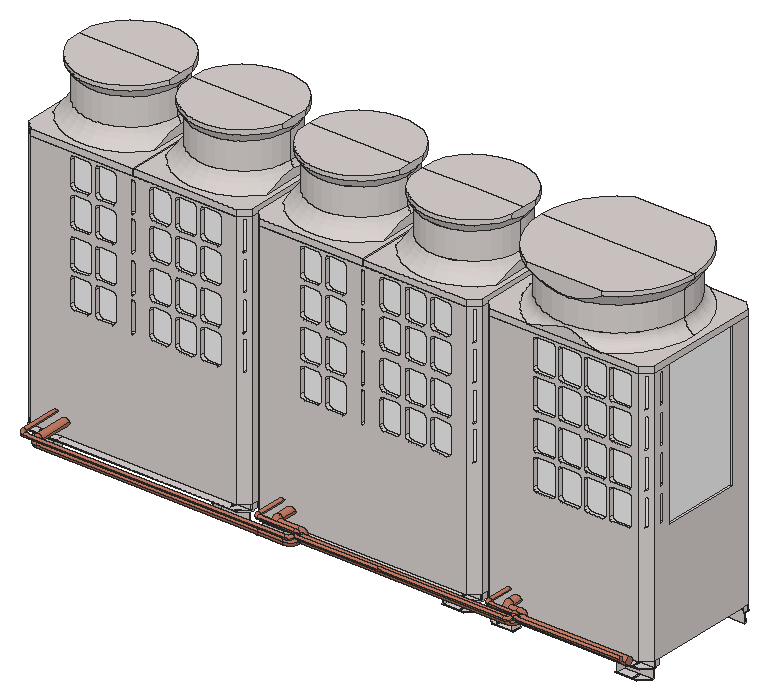
Revit family "PUHY-EP950YSNW-A", category Mechanical Equipment, Revit 2012 (continued)
Definition of nested family "PUHY-EP250YNW-A"
  Lines and regions (mm)
    model lines
      curve 72: arc (-222.5, -370, 374) -> (-229.571, -370, 371.071) -> (-232.5, -370, 364) r 10
      curve 73: arc (222.5, -370, 374) -> (229.571, -370, 371.071) -> (232.5, -370, 364) r 10
      curve 74: arc (232.5, -370, 364) -> (229.571, -370, 356.929) -> (222.5, -370, 354) r 10
      curve 75: arc (-222.5, -370, 354) -> (-229.571, -370, 356.929) -> (-232.5, -370, 364) r 10
      curve 76: line (460, -237.5, 1521) -> (460, -237.5, 95)
      curve 77: line (460, -237.5, 705) -> (460, 236.5, 705)
      curve 78: line (460, -237.5, 724.5) -> (460, 236.5, 724.5)
      curve 79: line (460, 236.5, 1521) -> (460, 236.5, 95)
      curve 80: line (327.5, 370, 1521) -> (327.5, 370, 95)
      curve 81: line (308, 370, 1521) -> (308, 370, 706)
      curve 82: line (327.5, 370, 706) -> (-382.5, 370, 706)
      curve 83: line (-382.5, 370, 1521) -> (-382.5, 370, 95)
      curve 84: line (-363, 370, 1521) -> (-363, 370, 706)
      curve 85: line (460, -140.491, 267.745) -> (460, 139.491, 267.745)
      curve 86: line (460, 139.491, 247.745) -> (460, -140.491, 247.745)
      curve 87: arc (460, -140.491, 247.745) -> (460, -150.491, 257.745) -> (460, -140.491, 267.745) r 10
      curve 88: arc (460, 139.491, 267.745) -> (460, 149.491, 257.745) -> (460, 139.491, 247.745) r 10
      curve 89: line (460, -140.491, 372.745) -> (460, 139.491, 372.745)
      curve 90: line (460, 139.491, 352.745) -> (460, -140.491, 352.745)
      curve 91: arc (460, -140.491, 352.745) -> (460, -150.491, 362.745) -> (460, -140.491, 372.745) r 10
      curve 92: arc (460, 139.491, 372.745) -> (460, 149.491, 362.745) -> (460, 139.491, 352.745) r 10
      curve 93: line (460, -140.491, 477.745) -> (460, 139.491, 477.745)
      curve 94: line (460, 139.491, 457.745) -> (460, -140.491, 457.745)
      curve 95: arc (460, -140.491, 457.745) -> (460, -150.491, 467.745) -> (460, -140.491, 477.745) r 10
      curve 96: arc (460, 139.491, 477.745) -> (460, 149.491, 467.745) -> (460, 139.491, 457.745) r 10
      curve 97: line (460, -140.491, 582.745) -> (460, 139.491, 582.745)
      curve 98: line (460, 139.491, 562.745) -> (460, -140.491, 562.745)
      curve 99: arc (460, -140.491, 562.745) -> (460, -150.491, 572.745) -> (460, -140.491, 582.745) r 10
      curve 100: arc (460, 139.491, 582.745) -> (460, 149.491, 572.745) -> (460, 139.491, 562.745) r 10
      curve 101: line (-222.5, 370, 584) -> (222.5, 370, 584)
      curve 102: line (222.5, 370, 564) -> (-222.5, 370, 564)
      curve 103: arc (-222.5, 370, 584) -> (-229.571, 370, 581.071) -> (-232.5, 370, 574) r 10
      curve 104: arc (222.5, 370, 584) -> (229.571, 370, 581.071) -> (232.5, 370, 574) r 10
      curve 105: arc (232.5, 370, 574) -> (229.571, 370, 566.929) -> (222.5, 370, 564) r 10
      curve 106: arc (-222.5, 370, 564) -> (-229.571, 370, 566.929) -> (-232.5, 370, 574) r 10
      curve 107: line (-222.5, 370, 479) -> (222.5, 370, 479)
      curve 108: line (222.5, 370, 459) -> (-222.5, 370, 459)
      curve 109: arc (-222.5, 370, 479) -> (-229.571, 370, 476.071) -> (-232.5, 370, 469) r 10
      curve 110: arc (222.5, 370, 479) -> (229.571, 370, 476.071) -> (232.5, 370, 469) r 10
      curve 111: arc (232.5, 370, 469) -> (229.571, 370, 461.929) -> (222.5, 370, 459) r 10
      curve 112: arc (-222.5, 370, 459) -> (-229.571, 370, 461.929) -> (-232.5, 370, 469) r 10
      curve 113: line (-222.5, 370, 374) -> (222.5, 370, 374)
      curve 114: line (222.5, 370, 354) -> (-222.5, 370, 354)
      curve 115: arc (-222.5, 370, 374) -> (-229.571, 370, 371.071) -> (-232.5, 370, 364) r 10
      curve 116: arc (222.5, 370, 374) -> (229.571, 370, 371.071) -> (232.5, 370, 364) r 10
      curve 117: arc (232.5, 370, 364) -> (229.571, 370, 356.929) -> (222.5, 370, 354) r 10
      curve 118: arc (-222.5, 370, 354) -> (-229.571, 370, 356.929) -> (-232.5, 370, 364) r 10
      curve 119: line (-222.5, 370, 269) -> (222.5, 370, 269)
      curve 120: line (222.5, 370, 249) -> (-222.5, 370, 249)
      curve 121: arc (-222.5, 370, 269) -> (-229.571, 370, 266.071) -> (-232.5, 370, 259) r 10
      curve 122: arc (222.5, 370, 269) -> (229.571, 370, 266.071) -> (232.5, 370, 259) r 10
      curve 123: arc (232.5, 370, 259) -> (229.571, 370, 251.929) -> (222.5, 370, 249) r 10
      curve 124: arc (-222.5, 370, 249) -> (-229.571, 370, 251.929) -> (-232.5, 370, 259) r 10
      curve 125: line (-325, -370, 131) -> (-197, -370, 131)
      curve 126: line (-335, -370, 205) -> (-335, -370, 141)
      curve 127: line (-197, -370, 215) -> (-325, -370, 215)
      curve 128: line (-187, -370, 141) -> (-187, -370, 205)
      curve 129: arc (-335, -370, 205) -> (-332.071, -370, 212.071) -> (-325, -370, 215) r 10
      curve 130: arc (-197, -370, 215) -> (-189.929, -370, 212.071) -> (-187, -370, 205) r 10
      curve 131: arc (-335, -370, 141) -> (-332.071, -370, 133.929) -> (-325, -370, 131) r 10
      curve 132: arc (-197, -370, 131) -> (-189.929, -370, 133.929) -> (-187, -370, 141) r 10
      curve 133: circle (328, -370, 170) r 20 normal (0, -1, 0)
      curve 134: circle (328, -370, 170) r 32.5 normal (0, -1, 0)
      curve 135: circle (253, -370, 185) r 13.5 normal (0, -1, 0)
      curve 136: circle (253, -370, 185) r 26 normal (0, -1, 0)
      curve 137: circle (204, -370, 150) r 17 normal (0, -1, 0)
    model lines, not visible
      curve 17: line (487.5, -370, 703) -> (492.5, -370, 703)
      curve 18: line (477.5, -370, 363) -> (477.5, -370, 693)
      curve 19: line (492.5, -370, 353) -> (487.5, -370, 353)
      curve 20: line (502.5, -370, 693) -> (502.5, -370, 363)
      curve 21: arc (487.5, -370, 703) -> (480.429, -370, 700.071) -> (477.5, -370, 693) r 10
      curve 22: arc (492.5, -370, 703) -> (499.571, -370, 700.071) -> (502.5, -370, 693) r 10
      curve 23: arc (502.5, -370, 363) -> (499.571, -370, 355.929) -> (492.5, -370, 353) r 10
      curve 24: arc (477.5, -370, 363) -> (480.429, -370, 355.929) -> (487.5, -370, 353) r 10
    reference lines
      curve 31: line (-410, 370, 0) -> (-460, 320, 0)
  Dimensions and locks
    nested 1 to level = 1858 mm
    nested 1 to nested 1 = 303 mm
    nested 5 to nested 5 = 60 mm
    nested 1 to nested 2 = 1495 mm
    Extrusion 1 to Extrusion 1 = 920 mm
    Extrusion 2 sketch curve to Extrusion 2 sketch curve = 174.824 mm
    Extrusion 3 sketch curve to Extrusion 3 sketch curve = 174.824 mm
    equal spacing: group 5, group 4, group 3, group 2
    equal spacing: group 2, group 3, group 4, group 5  (x2)
    Extrusion 4 sketch curve to Extrusion 4 sketch curve = 174.824 mm
    Extrusion 5 sketch curve to Extrusion 5 sketch curve = 174.824 mm
    Extrusion 6 sketch curve to Extrusion 6 sketch curve = 174.824 mm
    Extrusion 7 sketch curve to Extrusion 7 sketch curve = 174.824 mm
    Extrusion 8 sketch curve to Extrusion 8 sketch curve = 174.824 mm
    Extrusion 9 sketch curve to Extrusion 9 sketch curve = 174.824 mm
    Extrusion 10 sketch curve to Extrusion 10 sketch curve = 174.824 mm
    Extrusion 11 sketch curve to Extrusion 11 sketch curve = 174.824 mm
    Extrusion 12 sketch curve to Extrusion 12 sketch curve = 174.824 mm
    Extrusion 13 sketch curve to Extrusion 13 sketch curve = 174.824 mm
    Extrusion 14 sketch curve to Extrusion 14 sketch curve = 174.824 mm
    Extrusion 15 sketch curve to Extrusion 15 sketch curve = 174.824 mm
    Extrusion 16 sketch curve to Extrusion 16 sketch curve = 174.824 mm
    Extrusion 17 sketch curve to Extrusion 17 sketch curve = 174.824 mm
    cut or joined group 1 (Extrusion 1, Extrusion 2, Extrusion 3, Extrusion 4, Extrusion 5, Extrusion 6, Extrusion 7, Extrusion 8, Extrusion 9, Extrusion 10, Extrusion 11, Extrusion 12, Extrusion 13, Extrusion 14, Extrusion 15, Extrusion 16, Extrusion 17, Extrusion 20, Extrusion 21, Extrusion 22, Extrusion 23, Extrusion 24, Extrusion 25, Extrusion 26, Extrusion 27, Extrusion 28, Extrusion 29, Extrusion 30, Extrusion 31, Extrusion 32) to cut or joined group 1 = 820 mm
    cut or joined group 1 to cut or joined group 1 = 920 mm
    cut or joined group 1 to cut or joined group 1 = 740 mm
    nested 5 to cut or joined group 1 = 80 mm
    cut or joined group 1 to nested 4 to nested 5 = 80 mm, 760 mm
    cut or joined group 1 to nested 2 = 29.5 mm
    cut or joined group 1 to nested 3 to nested 2 = 29.5 mm, 681 mm
    cut or joined group 1 to cut or joined group 1 = 35 mm
    plane 6 "44" to cut or joined group 1 = 3.536 mm
    Extrusion 25 sketch curve to Extrusion 25 sketch curve = 20 mm
    cut or joined group 1 to cut or joined group 1 = 50 mm
    locked: Extrusion 19 to nested 2 at 116
    curve 137 to nested 2 = 90 mm
    curve 135 to nested 2 = 125 mm
    curve 133 to nested 2 = 110 mm
    cut or joined group 1 to curve 133 = 132 mm
    cut or joined group 1 to curve 135 = 207 mm
    cut or joined group 1 to curve 137 = 256 mm
    cut or joined group 1 to curve 126 to curve 128 = 125 mm, 148 mm
    curve 127 to curve 125 to nested 2 = 84 mm, 71 mm
    cut or joined group 1 to Extrusion 19 = 198 mm
    cut or joined group 1 to Extrusion 18 = 181 mm
    cut or joined group 1 to curve 29 = 166 mm
    cut or joined group 1 to curve 27 = 185 mm
    cut or joined group 1 to curve 28 = 110 mm
    curve 27 to cut or joined group 1 = 152 mm
    curve 28 to cut or joined group 1 = 172 mm
    curve 29 to cut or joined group 1 = 216 mm
    cut or joined group 1 to curve 9 to curve 11 = 79 mm, 94 mm
    cut or joined group 1 to curve 12 to curve 10 = 128 mm, 150 mm
    cut or joined group 1 to plane 10 = 160 mm
    cut or joined group 1 to plane 11 = 243 mm
    nested 4 to nested 4 = 60 mm
    cut or joined group 1 to nested 2 = 32 mm
    nested 4 to nested 4 = 56 mm
    nested 2 to nested 2 to nested 2 = 20 mm, 54 mm
    nested 3 to nested 2 = 592 mm
    nested 3 to nested 3 = 20 mm
    aligned and locked: level to plane 2
    aligned and locked: nested 2 to nested 4
    aligned and locked: nested 2 to nested 5
  Nested families
    nested 1: "FAN GUARD" at (0, 0, 861), type "FAN GUARD"
      with WIDTH 920 mm
    nested 2: "BASE LEG" at (0, -352, 60), type "BASE LEG"
      with Width 920 mm
    nested 3: "BASE LEG" at (0, 352, 60), type "BASE LEG"
      with Width 920 mm
    nested 4: "ATTACHMENT LEG" at (-374, -349, 0), type "ATTACHMENT LEG"
    nested 5: "ATTACHMENT LEG" at (374, -349, 0) x (-1, 0, 0) z (0, 0, 1), type "ATTACHMENT LEG"
    nested 6: "ATTACHMENT LEG" at (-374, 349, 0), type "ATTACHMENT LEG"
    nested 7: "ATTACHMENT LEG" at (374, 349, 0) x (-1, 0, 0) z (0, 0, 1), type "ATTACHMENT LEG"
  Connectors
    piping at (-217, -189, 176), driven by "Gas pipe_radius"
      settings: on Extrusion 18, index 3, connector radius 11.1 mm, flow factor 0, pipe flow 0.0 L/s, pressure drop 0.0 Pa, fitting loss kfactor 0, connector angle 0.00°, fixture units 0, engagement length 0 mm, flow configuration 0, flow direction 0, fitting loss method 0, system type 22, joint type 0, gender type 0, connector reference index -1, connector utility 0, adjustable connector no, is connector primary yes, fitting loss table "", connector description "Refrigerant service valve (gas)"
    piping at (-300, -172, 176), driven by "Liquid pipe_radius"
      settings: on Extrusion 19, index 4, connector radius 4.76 mm, flow factor 0, pipe flow 0.0 L/s, pressure drop 0.0 Pa, fitting loss kfactor 0, connector angle 0.00°, fixture units 0, engagement length 0 mm, flow configuration 0, flow direction 0, fitting loss method 0, system type 22, joint type 0, gender type 0, connector reference index -1, connector utility 0, adjustable connector no, is connector primary no, fitting loss table "", connector description "Refrigerant service valve (Liquid)"
    electrical at (0, -370, 808)
      settings: on cut or joined group 1, index 5, voltage 415 V, apparent load 0 VA, apparent load phase1 0 VA, apparent load phase2 0 VA, apparent load phase3 0 VA, power factor 1, load classification "HVAC", number of poles 3, system type 30, power factor state 1, is connector primary yes, connector utility no, sub classification motor no, connector description ""
  Definition of nested family "FAN GUARD"
    Parameters (values of type "FAN GUARD")
      WIDTH [instance] = 920 mm
    Reference planes
      plane 1 "中心(正面/背面)": y = 0
      plane 2: z = 0
      plane 3 "中心(左/右)": x = 0
      plane 4 "ファンガード基準面": z = 660
      plane 5: y = 370
      plane 6: y = -370
      plane 7: x = 460
      plane 8: x = -460
      plane 9 "ファンガード基準上面": z = 694
      plane 10 "ファンガード上面": z = 997
    Forms (mm)
      Extrusion 1, solid, material "Paint_5Y 8/1"
        sketch origin (0, 0, 660) x (-1, 0, 0) y (0, -1, 0)
          loop
            line (410, -370) -> (460, -320) -> (460, 320) -> (410, 370) -> (-410, 370) -> (-460, 320) -> (-460, -320) -> (-410, -370) -> (410, -370)
        from 0 to 34
      Revolve 2, solid, material "Paint_5Y 8/1"
        sketch origin (0, 0, 0) x (1, 0, 0) y (0, 0, 1)
          loop
            line (0, 694) -> (0, 997) -> (-423, 997) -> (-423, 973) -> (-368.829, 903.664) -> (-368.829, 764.141)
            arc (-368.829, 764.141) -> (-384.109, 719.678) -> (-423.494, 694) r 72.332
            line (-423.494, 694) -> (0, 694)
          axis (0, 997) -> (0, 694)
        angle from 0 to 360
      Extrusion 3, void
        sketch origin (0, 0, 694) x (-1, 0, 0) y (0, -1, 0)
          loop
            line (345, -370) -> (-345, -370) -> (-345, -545) -> (345, -545) -> (345, -370)
          loop
            line (345, 370) -> (345, 539.592) -> (-345, 539.592) -> (-345, 370) -> (345, 370)
        from 0 to 400
    Cuts and joins
      Extrusion 3 cuts Revolve 2
    Lines and regions (mm)
      model lines
        curve 1: line (-423, 0, 997) -> (-80, 0, 997)
        curve 2: line (80, 0, 997) -> (423, 0, 997)
        curve 3: circle (0, 0, 997) r 80 normal (0, 0, 1)
        curve 4: line (-415.366, -80, 997) -> (415.366, -80, 997)
        curve 5: line (-391.572, -160, 997) -> (391.572, -160, 997)
        curve 6: line (-348.323, -240, 997) -> (348.323, -240, 997)
        curve 7: line (-276.639, -320, 997) -> (276.639, -320, 997)
        curve 8: line (-415.366, 80, 997) -> (415.366, 80, 997)
        curve 9: line (-391.572, 160, 997) -> (391.572, 160, 997)
        curve 10: line (-348.323, 240, 997) -> (348.323, 240, 997)
        curve 11: line (-276.639, 320, 997) -> (276.639, 320, 997)
        curve 12: line (0, 370, 997) -> (0, -370, 997)
        curve 13: line (-20, 370, 997) -> (-20, -370, 997)
        curve 14: line (-40, 370, 997) -> (-40, -370, 997)
        curve 15: line (-60, 370, 997) -> (-60, -370, 997)
        curve 16: line (-80, 370, 997) -> (-80, -370, 997)
        curve 17: line (20, 370, 997) -> (20, -370, 997)
        curve 18: line (40, 370, 997) -> (40, -370, 997)
        curve 19: line (60, 370, 997) -> (60, -370, 997)
        curve 20: line (80, 370, 997) -> (80, -370, 997)
        curve 21: line (100, 370, 997) -> (100, -370, 997)
        curve 22: line (120, 370, 997) -> (120, -370, 997)
        curve 23: line (140, 370, 997) -> (140, -370, 997)
        curve 24: line (160, 370, 997) -> (160, -370, 997)
        curve 25: line (180, 370, 997) -> (180, -370, 997)
        curve 26: line (200, 370, 997) -> (200, -370, 997)
        curve 27: line (220, 361.288, 997) -> (220, -361.288, 997)
        curve 28: line (240, 348.323, 997) -> (240, -348.323, 997)
        curve 29: line (260, 333.66, 997) -> (260, -333.66, 997)
        curve 30: line (280, 317.063, 997) -> (280, -317.063, 997)
        curve 31: line (300, 298.21, 997) -> (300, -298.21, 997)
        curve 32: line (320, 276.639, 997) -> (320, -276.639, 997)
        curve 33: line (340, 251.653, 997) -> (340, -251.653, 997)
        curve 34: line (360, 222.101, 997) -> (360, -222.101, 997)
        curve 35: line (380, 185.82, 997) -> (380, -185.82, 997)
        curve 36: line (400, 137.583, 997) -> (400, -137.583, 997)
        curve 37: line (420, 50.289, 997) -> (420, -50.289, 997)
        curve 38: line (-100, 370, 997) -> (-100, -370, 997)
        curve 39: line (-120, 370, 997) -> (-120, -370, 997)
        curve 40: line (-140, 370, 997) -> (-140, -370, 997)
        curve 41: line (-160, 370, 997) -> (-160, -370, 997)
        curve 42: line (-180, 370, 997) -> (-180, -370, 997)
        curve 43: line (-200, 370, 997) -> (-200, -370, 997)
        curve 44: line (-220, 361.288, 997) -> (-220, -361.288, 997)
        curve 45: line (-240, 348.323, 997) -> (-240, -348.323, 997)
        curve 46: line (-260, 333.66, 997) -> (-260, -333.66, 997)
        curve 47: line (-280, 317.063, 997) -> (-280, -317.063, 997)
        curve 48: line (-300, 298.21, 997) -> (-300, -298.21, 997)
        curve 49: line (-320, 276.639, 997) -> (-320, -276.639, 997)
        curve 50: line (-340, 251.653, 997) -> (-340, -251.653, 997)
        curve 51: line (-360, 222.101, 997) -> (-360, -222.101, 997)
        curve 52: line (-380, 185.82, 997) -> (-380, -185.82, 997)
        curve 53: line (-400, 137.583, 997) -> (-400, -137.583, 997)
        curve 54: line (-420, 50.289, 997) -> (-420, -50.289, 997)
        curve 55: line (10, 79.373, 997) -> (10, -79.373, 997)
        curve 56: line (-10, 79.373, 997) -> (-10, -79.373, 997)
        curve 57: line (30, 74.162, 997) -> (30, -74.162, 997)
        curve 58: line (50, 62.45, 997) -> (50, -62.45, 997)
        curve 59: line (70, 38.73, 997) -> (70, -38.73, 997)
        curve 60: line (-30, 74.162, 997) -> (-30, -74.162, 997)
        curve 61: line (-50, 62.45, 997) -> (-50, -62.45, 997)
        curve 62: line (-70, 38.73, 997) -> (-70, -38.73, 997)
    Dimensions and locks
      "WIDTH": plane 8 to plane 7
      locked: plane 6 to plane 5 at 740
      equal spacing: plane 8, plane 3 "中心(左/右)", plane 7
      equal spacing: plane 6, plane 1 "中心(正面/背面)", plane 5
      plane 3 "中心(左/右)" to Revolve 2 sketch curve = 423 mm
      locked: plane 10 "ファンガード上面" to plane 9 "ファンガード基準上面" at 303
      aligned and locked: level to plane 2
      aligned and locked: plane 5 to Extrusion 1 sketch curve
      aligned and locked: Extrusion 1 sketch curve to plane 6
      aligned and locked: plane 8 to Extrusion 1 sketch curve
      aligned and locked: plane 7 to Extrusion 1 sketch curve
      aligned and locked: plane 9 "ファンガード基準上面" to Extrusion 1
      aligned and locked: plane 4 "ファンガード基準面" to Extrusion 1
      aligned and locked: plane 9 "ファンガード基準上面" to Revolve 2 sketch curve
      aligned and locked: Revolve 2 sketch curve to plane 3 "中心(左/右)"
      aligned and locked: Extrusion 1 to Extrusion 3 sketch curve
      aligned and locked: Extrusion 3 sketch curve to Extrusion 1
      aligned and locked: cut or joined group of Revolve 2, Extrusion 3 to plane 10 "ファンガード上面"
    Automatic sketch dimensions
      Extrusion 1 sketch curve to plane 7 = 50 mm  (x2)
      plane 8 to Extrusion 1 sketch curve = 50 mm  (x2)
      plane 5 to Extrusion 1 sketch curve = 50 mm  (x2)
      Extrusion 1 sketch curve to plane 6 = 50 mm  (x2)
      plane 3 "中心(左/右)" to Extrusion 3 sketch curve = 345 mm  (x2)
      Extrusion 3 sketch curve to plane 3 "中心(左/右)" = 345 mm  (x2)
      Extrusion 3 sketch curve to Extrusion 3 sketch curve = 175 mm
      Extrusion 3 sketch curve to Extrusion 3 sketch curve = 169.592 mm
      plane 1 "中心(正面/背面)" to curve 2 = 0 mm
      plane 1 "中心(正面/背面)" to curve 3 = 0 mm
      curve 3 to plane 3 "中心(左/右)" = 0 mm
      curve 12 to plane 3 "中心(左/右)" = 0 mm
      plane 1 "中心(正面/背面)" to curve 1 = 0 mm
      plane 3 "中心(左/右)" to curve 55 = 10 mm
      curve 17 to curve 12 = 20 mm
      curve 57 to curve 55 = 20 mm
      curve 18 to curve 17 = 20 mm
      curve 58 to curve 57 = 20 mm
      curve 19 to curve 18 = 20 mm
      curve 59 to curve 58 = 20 mm
      curve 20 to curve 19 = 20 mm
      curve 2 to curve 59 = 10 mm
      curve 21 to curve 20 = 20 mm
      curve 22 to curve 21 = 20 mm
      curve 23 to curve 22 = 20 mm
      curve 24 to curve 23 = 20 mm
      curve 25 to curve 24 = 20 mm
      curve 26 to curve 25 = 20 mm
      curve 27 to curve 26 = 20 mm
      curve 28 to curve 27 = 20 mm
      curve 29 to curve 28 = 20 mm
      curve 11 to curve 29 = 16.639 mm
      curve 7 to curve 29 = 16.639 mm
      curve 30 to curve 7 = 3.361 mm
      curve 31 to curve 30 = 20 mm
      curve 32 to curve 31 = 20 mm
      curve 33 to curve 32 = 20 mm
      curve 6 to curve 33 = 8.323 mm
      curve 10 to curve 33 = 8.323 mm
      curve 34 to curve 10 = 11.677 mm
      curve 35 to curve 34 = 20 mm
      curve 9 to curve 35 = 11.572 mm
      curve 5 to curve 35 = 11.572 mm
      curve 36 to curve 9 = 8.428 mm
      curve 8 to curve 36 = 15.366 mm
      curve 4 to curve 36 = 15.366 mm
      curve 37 to curve 8 = 4.634 mm
      curve 2 to curve 37 = 3 mm
      curve 56 to plane 3 "中心(左/右)" = 10 mm
      curve 13 to plane 3 "中心(左/右)" = 20 mm
      curve 56 to curve 60 = 20 mm
      curve 13 to curve 14 = 20 mm
      curve 60 to curve 61 = 20 mm
      curve 14 to curve 15 = 20 mm
      curve 61 to curve 62 = 20 mm
      curve 15 to curve 16 = 20 mm
      curve 16 to curve 38 = 20 mm
      curve 38 to curve 39 = 20 mm
      curve 39 to curve 40 = 20 mm
      curve 40 to curve 41 = 20 mm
      curve 41 to curve 42 = 20 mm
      curve 42 to curve 43 = 20 mm
      curve 43 to curve 44 = 20 mm
      curve 44 to curve 45 = 20 mm
      curve 45 to curve 46 = 20 mm
      curve 46 to curve 7 = 16.639 mm
      curve 46 to curve 11 = 16.639 mm
      curve 7 to curve 47 = 3.361 mm
      curve 47 to curve 48 = 20 mm
      curve 48 to curve 49 = 20 mm
      curve 49 to curve 50 = 20 mm
      curve 50 to curve 6 = 8.323 mm
      curve 50 to curve 10 = 8.323 mm
      curve 10 to curve 51 = 11.677 mm
      curve 51 to curve 52 = 20 mm
      curve 52 to curve 9 = 11.572 mm
      curve 52 to curve 5 = 11.572 mm
      curve 5 to curve 53 = 8.428 mm
      curve 53 to curve 4 = 15.366 mm
      curve 53 to curve 8 = 15.366 mm
      curve 4 to curve 54 = 4.634 mm
      curve 54 to curve 1 = 3 mm
      curve 8 to plane 1 "中心(正面/背面)" = 80 mm
      curve 36 to curve 8 = 57.583 mm
      curve 53 to curve 8 = 57.583 mm
      curve 9 to curve 36 = 22.417 mm
      curve 52 to curve 9 = 25.82 mm
      curve 35 to curve 9 = 25.82 mm
      curve 51 to curve 52 = 36.282 mm
      curve 34 to curve 35 = 36.282 mm
      curve 10 to curve 51 = 17.899 mm
      curve 33 to curve 10 = 11.653 mm
      curve 50 to curve 10 = 11.653 mm
      curve 49 to curve 50 = 24.986 mm
      curve 32 to curve 33 = 24.986 mm
      curve 48 to curve 49 = 21.571 mm
      curve 31 to curve 32 = 21.571 mm
      curve 47 to curve 48 = 18.853 mm
      curve 30 to curve 31 = 18.853 mm
      curve 11 to curve 30 = 2.937 mm
      curve 29 to curve 11 = 13.66 mm
      curve 46 to curve 11 = 13.66 mm
      curve 28 to curve 29 = 14.663 mm
      curve 45 to curve 46 = 14.663 mm
      curve 44 to curve 45 = 12.965 mm
      curve 27 to curve 28 = 12.965 mm
      curve 12 to curve 27 = 8.712 mm
      curve 12 to curve 21 = 0 mm
      curve 13 to curve 12 = 0 mm
      curve 14 to curve 13 = 0 mm  (x2)
      curve 12 to curve 18 = 0 mm
      curve 21 to curve 23 = 0 mm
      curve 43 to curve 44 = 8.712 mm
      curve 23 to curve 24 = 0 mm  (x2)
      curve 43 to curve 42 = 0 mm  (x2)
      curve 24 to curve 25 = 0 mm  (x2)
      curve 42 to curve 41 = 0 mm  (x2)
      curve 25 to curve 26 = 0 mm  (x2)
      curve 41 to curve 40 = 0 mm  (x2)
      curve 20 to curve 21 = 0 mm  (x2)
      curve 40 to curve 39 = 0 mm  (x2)
      curve 15 to curve 14 = 0 mm
      curve 39 to curve 38 = 0 mm
      curve 38 to curve 16 = 0 mm  (x2)
      curve 18 to curve 19 = 0 mm  (x2)
      curve 12 to curve 17 = 0 mm  (x2)
      curve 21 to curve 22 = 0 mm  (x2)
      curve 8 to curve 37 = 29.711 mm
      curve 8 to curve 54 = 29.711 mm
      plane 1 "中心(正面/背面)" to curve 37 = 50.289 mm
      plane 1 "中心(正面/背面)" to curve 54 = 50.289 mm
      curve 37 to curve 4 = 29.711 mm
      curve 4 to curve 36 = 57.583 mm
      curve 4 to curve 53 = 57.583 mm
      curve 36 to curve 5 = 22.417 mm
      curve 5 to curve 52 = 25.82 mm
      curve 5 to curve 35 = 25.82 mm
      curve 35 to curve 34 = 36.282 mm
      curve 52 to curve 51 = 36.282 mm
      curve 51 to curve 6 = 17.899 mm
      curve 6 to curve 50 = 11.653 mm
      curve 6 to curve 33 = 11.653 mm
      curve 50 to curve 49 = 24.986 mm
      curve 33 to curve 32 = 24.986 mm
      curve 49 to curve 48 = 21.571 mm
      curve 32 to curve 31 = 21.571 mm
      curve 48 to curve 47 = 18.853 mm
      curve 31 to curve 30 = 18.853 mm
      curve 30 to curve 7 = 2.937 mm
      curve 7 to curve 46 = 13.66 mm
      curve 7 to curve 29 = 13.66 mm
      curve 29 to curve 28 = 14.663 mm
      curve 46 to curve 45 = 14.663 mm
      curve 45 to curve 44 = 12.965 mm
      curve 28 to curve 27 = 12.965 mm
      curve 44 to curve 13 = 8.712 mm
      curve 27 to curve 23 = 8.712 mm
      curve 15 to curve 13 = 0 mm
      curve 44 to curve 42 = 8.712 mm
      curve 16 to curve 15 = 0 mm
      curve 22 to curve 23 = 0 mm
      curve 13 to curve 17 = 0 mm
      curve 17 to curve 19 = 0 mm
      Revolve 2 sketch curve to plane 3 "中心(左/右)" = 0 mm
      Revolve 2 sketch curve to plane 10 "ファンガード上面" = 0 mm
      plane 9 "ファンガード基準上面" to Revolve 2 sketch curve = 70.141 mm
      Revolve 2 sketch curve to Revolve 2 sketch curve = 18.161 mm
      Revolve 2 sketch curve to level = 1700.815 mm
      Revolve 2 sketch curve to plane 10 "ファンガード上面" = 93.336 mm
      Revolve 2 sketch curve to plane 10 "ファンガード上面" = 24 mm
      Revolve 2 sketch curve to Revolve 2 sketch curve = 790.769 mm
      Revolve 2 sketch curve to Revolve 2 sketch curve = 17.668 mm
  Definition of nested family "BASE LEG"
    Parameters (values of type "BASE LEG")
      Width [instance] = 920 mm
    Reference planes
      plane 1 "中心(正面/背面)": y = 0
      plane 2: z = 0
      plane 3 "中心(左/右)": x = 0
      plane 4: x = 460
      plane 5: x = -460
      plane 6: x = -380
      plane 7: x = 380
      plane 8: y = -18
      plane 9: y = 39
      plane 10: z = 53
      plane 11: y = 42
      plane 12: y = 27
      plane 13: x = 415
      plane 14: x = -415
      plane 15: z = 8
      plane 16: y = 11.5
      plane 17: z = 35
    Forms (mm)
      Extrusion 1, solid, material "Paint_5Y 8/1"
        sketch origin (0, 0, 0) x (0, 1, 0) y (0, 0, 1)
          loop
            line (-18, 0) -> (36, 0) -> (36, 32) -> (56, 32) -> (56, 35) -> (33, 35) -> (33, 3) -> (-18, 3) -> (-18, 0)
        from -460 to 460
      Extrusion 2, void
        sketch origin (0, 0, 0) x (1, 0, 0) y (0, 1, 0)
          loop
            line (415, -18) -> (460, -18) -> (460, 27) -> (415, -18)
          loop
            line (-415, -18) -> (-460, 27) -> (-460, -18) -> (-415, -18)
        from 0 to 250
      Extrusion 3, void
        sketch origin (0, 12.023, 0) x (1, 0, 0) y (0, 1, 0)
          loop
            arc (373, -2.971) -> (380, -9.971) -> (387, -2.971) r 7
            line (387, -2.971) -> (387, 3.023)
            arc (387, 3.023) -> (380, 10.023) -> (373, 3.023) r 7
            line (373, 3.023) -> (373, -2.971)
          loop
            line (-373, -2.971) -> (-373, 3.023)
            arc (-373, 3.023) -> (-380, 10.023) -> (-387, 3.023) r 7
            line (-387, 3.023) -> (-387, -2.971)
            arc (-387, -2.971) -> (-380, -9.971) -> (-373, -2.971) r 7
        from 0 to 250
      Extrusion 4, solid, material "Paint_5Y 8/1"
        sketch origin (0, 0, -3) x (1, 0, 0) y (0, 0, 1)
          loop
            line (457, 8) -> (460, 8) -> (460, 35) -> (457, 35) -> (457, 8)
          loop
            line (-457, 8) -> (-457, 35) -> (-460, 35) -> (-460, 8) -> (-457, 8)
        from -36 to -56
      Extrusion 5, solid, material "Paint_5Y 8/1"
        sketch origin (150, 352, 0) x (1, 0, 0) y (0, 1, 0)
          loop
            line (310, -319) -> (305, -319) -> (305, -320) -> (255, -370) -> (260, -370) -> (310, -320) -> (310, -319)
        from 3 to 35
      Extrusion 6, void
        sketch origin (410, -18, 0) x (0.707107, 0.707107, 0) y (0, 0, 1)
          loop
            line (70.711, 3) -> (-6.741, 39.767) -> (-6.741, 3) -> (70.711, 3)
        from -190.256 to 23.776
      Extrusion 7, solid, material "Paint_5Y 8/1"
        sketch origin (-150, 352, 0) x (-1, 0, 0) y (0, -1, 0)
          loop
            line (310, 319) -> (310, 320) -> (260, 370) -> (255, 370) -> (305, 320) -> (305, 319) -> (310, 319)
        from 3 to 35
      Extrusion 8, void
        sketch origin (-410, -18, 0) x (0.707107, -0.707107, 0) y (0, 0, -1)
          loop
            line (-70.711, -3) -> (0, -35) -> (6.741, -35) -> (6.741, -3) -> (-70.711, -3)
        from -190.256 to 23.776
    Cuts and joins
      Extrusion 2, Extrusion 3 cuts Extrusion 1
      joined: Extrusion 1, Extrusion 4
      Extrusion 8 cuts Extrusion 7
      Extrusion 6 cuts Extrusion 5
    Dimensions and locks
      "Width": plane 5 to plane 4
      equal spacing: plane 5, plane 3 "中心(左/右)", plane 4
      locked: plane 5 to plane 6 at 80
      locked: plane 7 to plane 4 at 80
      locked: plane 8 to plane 9 at 57
      locked: plane 10 to level at 53
      locked: plane 9 to plane 11 at 3
      plane 8 to plane 12 = 45 mm
      locked: plane 13 to plane 4 at 45
      locked: plane 5 to plane 14 at 45
      equal spacing: Extrusion 3 sketch curve, plane 7, Extrusion 3 sketch curve
      equal spacing: Extrusion 3 sketch curve, plane 6, Extrusion 3 sketch curve
      locked: plane 10 to plane 15 at 45
      locked: cut or joined group of Extrusion 1, Extrusion 2, Extrusion 3, Extrusion 4 to Extrusion 4 sketch curve at 3  (x2)
      locked: plane 8 to plane 16 at 29.5
      plane 8 to plane 11 = 60 mm
      cut or joined group of Extrusion 1, Extrusion 2, Extrusion 3, Extrusion 4 to cut or joined group of Extrusion 1, Extrusion 2, Extrusion 3, Extrusion 4 = 35 mm
      aligned and locked: level to plane 2
      aligned and locked: plane 8 to Extrusion 1 sketch curve
      aligned and locked: plane 4 to Extrusion 1
      aligned and locked: Extrusion 1 to plane 5
      aligned and locked: Extrusion 2 sketch curve to plane 4
      aligned and locked: Extrusion 2 sketch curve to plane 8
      aligned and locked: plane 12 to Extrusion 2 sketch curve
      aligned and locked: plane 13 to Extrusion 2 sketch curve
      aligned and locked: plane 4 to Extrusion 4 sketch curve
      aligned and locked: plane 5 to Extrusion 4 sketch curve
      aligned and locked: cut or joined group of Extrusion 7, Extrusion 8 to cut or joined group of Extrusion 1, Extrusion 2, Extrusion 3, Extrusion 4
    Automatic sketch dimensions
      Extrusion 3 sketch curve to plane 1 "中心(正面/背面)" = 9.052 mm  (x2)
      Extrusion 3 sketch curve to plane 7 = 7 mm
      Extrusion 3 sketch curve to plane 1 "中心(正面/背面)" = 15.046 mm  (x2)
      Extrusion 3 sketch curve to plane 6 = 7 mm
      Extrusion 2 sketch curve to plane 5 = 0 mm
      plane 8 to Extrusion 2 sketch curve = 0 mm
      Extrusion 2 sketch curve to plane 14 = 0 mm
      plane 12 to Extrusion 2 sketch curve = 0 mm
      Extrusion 4 sketch curve to plane 10 = 21 mm
      plane 7 to Extrusion 5 sketch curve = 25 mm
      Extrusion 5 sketch curve to Extrusion 5 sketch curve = 5 mm  (x2)
      plane 7 to Extrusion 5 sketch curve = 75 mm
      plane 8 to Extrusion 5 sketch curve = 0 mm
      Extrusion 5 sketch curve to Extrusion 5 sketch curve = 50 mm
      Extrusion 5 sketch curve to Extrusion 5 sketch curve = 0 mm
      Extrusion 5 sketch curve to Extrusion 5 sketch curve = 1 mm
      Extrusion 6 sketch curve to Extrusion 5 = 0 mm  (x2)
      Extrusion 6 sketch curve to Extrusion 5 = 6.741 mm
      Extrusion 6 sketch curve to Extrusion 5 = 4.767 mm
      plane 6 to Extrusion 7 sketch curve = 25 mm
      Extrusion 7 sketch curve to Extrusion 7 sketch curve = 5 mm  (x2)
      Extrusion 7 sketch curve to Extrusion 7 sketch curve = 45 mm
      Extrusion 7 sketch curve to plane 8 = 0 mm
      Extrusion 7 sketch curve to Extrusion 7 sketch curve = 50 mm
      Extrusion 7 sketch curve to Extrusion 7 sketch curve = 0 mm
      Extrusion 7 sketch curve to Extrusion 7 sketch curve = 1 mm
      Extrusion 8 sketch curve to Extrusion 7 = 0 mm  (x2)
      Extrusion 7 to Extrusion 8 sketch curve = 0 mm  (x2)
      Extrusion 7 to Extrusion 8 sketch curve = 6.741 mm
      Extrusion 4 sketch curve to plane 17 = 3 mm
      Extrusion 4 sketch curve to plane 15 = 3 mm  (x2)
      Extrusion 1 sketch curve to plane 17 = 0 mm
      Extrusion 1 sketch curve to level = 0 mm
      level to Extrusion 1 sketch curve = 3 mm
      plane 9 to Extrusion 1 sketch curve = 6 mm
      plane 9 to Extrusion 1 sketch curve = 3 mm
      Extrusion 1 sketch curve to plane 17 = 3 mm
      Extrusion 1 sketch curve to plane 11 = 14 mm
  Definition of nested family "ATTACHMENT LEG"
    Parameters (values of type "ATTACHMENT LEG")
      Width = 145 mm
    Reference planes
      plane 1: z = 0
      plane 2 "中心(左/右)": x = -6
      plane 3: x = -52
      plane 4: x = 85
      plane 5: x = 93
      plane 6: y = -21
      plane 7: y = 27
      plane 8: x = -30
      plane 9: y = 39
      plane 10: z = 60
      plane 11: z = 57
      plane 12: z = 3
      plane 13: x = 82
      plane 14: y = 36
      plane 15: x = -75
      plane 16: y = 31
      plane 17 "幅": x = 93
      plane 18: y = 2.5
      plane 19: y = 21
      plane 20: y = -10
    Forms (mm)
      Extrusion 1, solid, material "Paint_5Y 8/1"
        sketch origin (0, -1, 0) x (1, 0, 0) y (0, 1, 0)
          loop
            line (-75, 36) -> (-75, 27) -> (-28, -20) -> (93, -20) -> (93, 32) -> (85, 32) -> (85, 36) -> (-75, 36)
        from 0 to 60
      Extrusion 2, void
        sketch origin (0, -3, 0) x (1, 0, 0) y (0, 0, 1)
          loop
            line (-75, 57) -> (-75, 3) -> (82, 3) -> (82, 57) -> (-75, 57)
          loop
            line (93, 57) -> (85, 57) -> (85, 3) -> (93, 3) -> (93, 57)
        from -35 to 18
      Extrusion 3, void
        sketch origin (-6, 5.5, 0) x (1, 0, 0) y (0, 1, 0)
          loop
            arc (-7, -8.5) -> (0, -15.5) -> (7, -8.5) r 7
            line (7, -8.5) -> (7, 8.5)
            arc (7, 8.5) -> (0, 15.5) -> (-7, 8.5) r 7
            line (-7, 8.5) -> (-7, -8.5)
        from 0 to 60
    Cuts and joins
      Extrusion 2, Extrusion 3 cuts Extrusion 1
    Dimensions and locks
      locked: plane 3 to plane 4 at 137
      locked: plane 3 to plane 5 at 145
      plane 6 to plane 7 = 48 mm
      locked: plane 10 to level at 60
      Extrusion 3 sketch curve to plane 2 "中心(左/右)" = 7 mm
      locked: plane 15 to plane 2 "中心(左/右)" at 69
      locked: plane 15 to plane 8 at 45
      locked: plane 6 to plane 18 at 23.5
      cut or joined group of Extrusion 1, Extrusion 2, Extrusion 3 to cut or joined group of Extrusion 1, Extrusion 2, Extrusion 3 = 168 mm
      cut or joined group of Extrusion 1, Extrusion 2, Extrusion 3 to cut or joined group of Extrusion 1, Extrusion 2, Extrusion 3 = 56 mm  (x2)
      plane 14 to plane 6 = 57 mm
      aligned and locked: level to plane 1
      aligned and locked: Extrusion 1 sketch curve to plane 4
      aligned and locked: Extrusion 1 sketch curve to plane 5
      aligned: plane 8 to Extrusion 1 sketch curve
      aligned and locked: plane 10 to Extrusion 1
      aligned and locked: Extrusion 2 sketch curve to plane 11
      aligned: plane 3 to Extrusion 2 sketch curve
      aligned and locked: plane 12 to Extrusion 2 sketch curve
      aligned and locked: Extrusion 2 sketch curve to plane 13
      aligned and locked: plane 6 to Extrusion 2
      aligned and locked: plane 11 to Extrusion 2 sketch curve
      aligned and locked: plane 5 to Extrusion 2 sketch curve
      aligned and locked: Extrusion 2 sketch curve to plane 12
      aligned and locked: Extrusion 2 sketch curve to plane 4
      aligned and locked: plane 15 to Extrusion 1 sketch curve
      aligned and locked: Extrusion 2 sketch curve to cut or joined group of Extrusion 1, Extrusion 2, Extrusion 3
      aligned and locked: Extrusion 1 to plane 16
Types (6, lengths in mm): name | Sound Pressure Level (dB(A)) Cooling mode | Voltage | Hertz | Heating Current (A) | Cooling Current (A)
  PUHY-P950YSNW-A_380V_50Hz | 66 | 380 V | 50 Hz | 45.9 | 44.1
  PUHY-P950YSNW-A_380V_60Hz | 68 | 380 V | 60 Hz | 45.9 | 44.1
  PUHY-P950YSNW-A_400V_50Hz | 66 | 400 V | 50 Hz | 43.6 | 41.9
  PUHY-P950YSNW-A_400V_60Hz | 68 | 400 V | 60 Hz | 43.6 | 41.9
  PUHY-P950YSNW-A_415V_50Hz | 66 | 415 V | 50 Hz | 42 | 40.3
  PUHY-P950YSNW-A_415V_60Hz | 68 | 415 V | 60 Hz | 42 | 40.3
